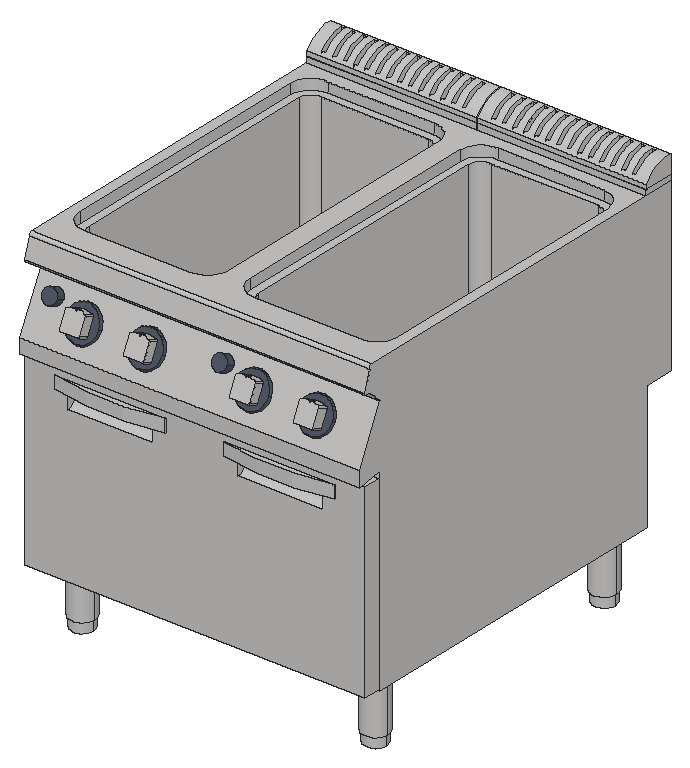
Revit family "QF_ZANUSSI_392112_Z9PCGH2MF0", category Specialty Equipment, Revit 2018 (continued)
Automatic sketch dimensions
  Extrusion 22 sketch curve to Extrusion 22 sketch curve = 0 mm  (x2)
  Extrusion 22 sketch curve to Extrusion 22 sketch curve = 40.037 mm
  Extrusion 22 sketch curve to Extrusion 22 sketch curve = 5.399 mm
  Blend 23 sketch curve to plane 17 = 60 mm  (x2)
  Split face 4 sketch curve to Split face 4 sketch curve = 5.909 mm
  Split face 4 sketch curve to Split face 4 sketch curve = 7.246 mm
  Split face 4 sketch curve to Split face 4 sketch curve = 3.443 mm
  Split face 4 sketch curve to Split face 4 sketch curve = 29.925 mm
  Split face 4 sketch curve to Split face 4 sketch curve = 2.301 mm
  Split face 4 sketch curve to Split face 4 sketch curve = 4.103 mm
  Split face 4 sketch curve to Split face 4 sketch curve = 17.932 mm
  Split face 4 sketch curve to Split face 4 sketch curve = 1.038 mm
  Split face 5 sketch curve to Split face 5 sketch curve = 3.262 mm
  Split face 5 sketch curve to Split face 5 sketch curve = 18.383 mm
  Split face 5 sketch curve to Split face 5 sketch curve = 2.301 mm
  Split face 5 sketch curve to Split face 5 sketch curve = 19.446 mm
  Split face 5 sketch curve to Split face 5 sketch curve = 1.519 mm
  Split face 5 sketch curve to Split face 5 sketch curve = 1.27 mm
  Split face 5 sketch curve to Split face 5 sketch curve = 1.944 mm
  Split face 5 sketch curve to Split face 5 sketch curve = 4.176 mm
  Split face 6 sketch curve to Split face 6 sketch curve = 2.301 mm
  Split face 6 sketch curve to Split face 6 sketch curve = 20.366 mm
  Split face 6 sketch curve to Split face 6 sketch curve = 1.542 mm
  Split face 6 sketch curve to Split face 6 sketch curve = 12.353 mm
  Split face 6 sketch curve to Split face 6 sketch curve = 1.391 mm
  Split face 6 sketch curve to Split face 6 sketch curve = 1.838 mm
  Split face 6 sketch curve to Split face 6 sketch curve = 25.358 mm
  Split face 7 sketch curve to Split face 7 sketch curve = 1.002 mm
  Split face 7 sketch curve to Split face 7 sketch curve = 2.982 mm
  Split face 7 sketch curve to Split face 7 sketch curve = 2.127 mm
  Split face 7 sketch curve to Split face 7 sketch curve = 2.188 mm
  Split face 7 sketch curve to Split face 7 sketch curve = 0.76 mm
  Split face 7 sketch curve to Split face 7 sketch curve = 0.795 mm
  Split face 7 sketch curve to Split face 7 sketch curve = 3.192 mm
  Split face 7 sketch curve to Split face 7 sketch curve = 0.559 mm
  Extrusion 24 sketch curve to plane 20 = 2.491 mm
  Extrusion 25 sketch curve to plane 20 = 2.491 mm
  Extrusion 26 sketch curve to plane 5 "FRONT" = 9.117 mm
  Extrusion 26 sketch curve to plane 10 "TOP A" = 112.135 mm
  Extrusion 26 sketch curve to Extrusion 26 sketch curve = 3 mm
  Extrusion 26 sketch curve to Extrusion 26 sketch curve = 0 mm
  Extrusion 26 sketch curve to Extrusion 26 sketch curve = 1 mm  (x2)
  Extrusion 26 sketch curve to Extrusion 26 sketch curve = 15 mm
  Extrusion 27 sketch curve to plane 16 = 60.5 mm
  Extrusion 27 sketch curve to plane 16 = 25.5 mm
  Extrusion 27 sketch curve to Extrusion 27 sketch curve = 35 mm
  Extrusion 28 sketch curve to plane 16 = 66 mm
  Extrusion 28 sketch curve to Extrusion 28 sketch curve = 2.997 mm  (x3)
  Extrusion 28 sketch curve to Extrusion 28 sketch curve = 20.003 mm  (x2)
  Extrusion 28 sketch curve to plane 16 = 22.997 mm
  Extrusion 28 sketch curve to Extrusion 28 sketch curve = 0 mm  (x2)
  Extrusion 28 sketch curve to Extrusion 28 sketch curve = 40.037 mm
  Extrusion 28 sketch curve to Extrusion 28 sketch curve = 5.399 mm
  Blend 29 sketch curve to plane 16 = 43 mm  (x2)
  Split face 8 sketch curve to Split face 8 sketch curve = 6 mm
  Split face 8 sketch curve to Split face 8 sketch curve = 30.402 mm
  Split face 8 sketch curve to Split face 8 sketch curve = 9.201 mm
  Split face 8 sketch curve to Split face 8 sketch curve = 2.43 mm
  Split face 8 sketch curve to Split face 8 sketch curve = 0.785 mm
  Extrusion 30 sketch curve to plane 5 "FRONT" = 9.117 mm
  Extrusion 30 sketch curve to plane 10 "TOP A" = 112.135 mm
  Extrusion 30 sketch curve to Extrusion 30 sketch curve = 3 mm
  Extrusion 30 sketch curve to Extrusion 30 sketch curve = 0 mm
  Extrusion 30 sketch curve to Extrusion 30 sketch curve = 1 mm  (x2)
  Extrusion 30 sketch curve to Extrusion 30 sketch curve = 15 mm
  plane 19 to Extrusion 31 sketch curve = 90.5 mm
  Extrusion 31 sketch curve to Extrusion 31 sketch curve = 35 mm  (x2)
  plane 19 to Extrusion 32 sketch curve = 85 mm
  Extrusion 32 sketch curve to Extrusion 32 sketch curve = 2.997 mm  (x3)
  Extrusion 32 sketch curve to Extrusion 32 sketch curve = 20.003 mm  (x2)
  Extrusion 32 sketch curve to Extrusion 32 sketch curve = 40.005 mm
  Extrusion 32 sketch curve to Extrusion 32 sketch curve = 0 mm  (x2)
  Extrusion 32 sketch curve to Extrusion 32 sketch curve = 40.037 mm
  Extrusion 32 sketch curve to Extrusion 32 sketch curve = 5.399 mm
  plane 19 to Blend 33 sketch curve = 108 mm  (x2)
  Split face 12 sketch curve to Split face 12 sketch curve = 5.909 mm
  Split face 12 sketch curve to Split face 12 sketch curve = 7.246 mm
  Split face 12 sketch curve to Split face 12 sketch curve = 3.443 mm
  Split face 12 sketch curve to Split face 12 sketch curve = 29.925 mm
  Split face 12 sketch curve to Split face 12 sketch curve = 2.301 mm
  Split face 12 sketch curve to Split face 12 sketch curve = 4.103 mm
  Split face 12 sketch curve to Split face 12 sketch curve = 17.932 mm
  Split face 12 sketch curve to Split face 12 sketch curve = 1.038 mm
  Split face 13 sketch curve to Split face 13 sketch curve = 3.262 mm
  Split face 13 sketch curve to Split face 13 sketch curve = 18.383 mm
  Split face 13 sketch curve to Split face 13 sketch curve = 2.301 mm
  Split face 13 sketch curve to Split face 13 sketch curve = 19.446 mm
  Split face 13 sketch curve to Split face 13 sketch curve = 1.519 mm
  Split face 13 sketch curve to Split face 13 sketch curve = 1.27 mm
  Split face 13 sketch curve to Split face 13 sketch curve = 1.944 mm
  Split face 13 sketch curve to Split face 13 sketch curve = 4.176 mm
  Split face 14 sketch curve to Split face 14 sketch curve = 2.301 mm
  Split face 14 sketch curve to Split face 14 sketch curve = 20.366 mm
  Split face 14 sketch curve to Split face 14 sketch curve = 1.542 mm
  Split face 14 sketch curve to Split face 14 sketch curve = 12.353 mm
  Split face 14 sketch curve to Split face 14 sketch curve = 1.391 mm
  Split face 14 sketch curve to Split face 14 sketch curve = 1.838 mm
  Split face 14 sketch curve to Split face 14 sketch curve = 25.358 mm
  Split face 15 sketch curve to Split face 15 sketch curve = 1.002 mm
  Split face 15 sketch curve to Split face 15 sketch curve = 2.982 mm
  Split face 15 sketch curve to Split face 15 sketch curve = 2.127 mm
  Split face 15 sketch curve to Split face 15 sketch curve = 2.188 mm
  Split face 15 sketch curve to Split face 15 sketch curve = 0.76 mm
  Split face 15 sketch curve to Split face 15 sketch curve = 0.795 mm
  Split face 15 sketch curve to Split face 15 sketch curve = 3.192 mm
  Split face 15 sketch curve to Split face 15 sketch curve = 0.559 mm
  Extrusion 34 sketch curve to plane 5 "FRONT" = 9.117 mm
  Extrusion 34 sketch curve to plane 10 "TOP A" = 112.135 mm
  Extrusion 34 sketch curve to Extrusion 34 sketch curve = 3 mm
  Extrusion 34 sketch curve to Extrusion 34 sketch curve = 0 mm
  Extrusion 34 sketch curve to Extrusion 34 sketch curve = 1 mm  (x2)
  Extrusion 34 sketch curve to Extrusion 34 sketch curve = 15 mm
  plane 18 to Extrusion 35 sketch curve = 44.5 mm
  Extrusion 35 sketch curve to plane 19 = 24.5 mm
  Extrusion 35 sketch curve to Extrusion 35 sketch curve = 35 mm
  plane 18 to Extrusion 36 sketch curve = 39 mm
  Extrusion 36 sketch curve to Extrusion 36 sketch curve = 2.997 mm  (x3)
  Extrusion 36 sketch curve to Extrusion 36 sketch curve = 20.003 mm  (x2)
  Extrusion 36 sketch curve to plane 19 = 21.997 mm
  Extrusion 36 sketch curve to Extrusion 36 sketch curve = 0 mm  (x2)
  Extrusion 36 sketch curve to Extrusion 36 sketch curve = 40.037 mm
  Extrusion 36 sketch curve to Extrusion 36 sketch curve = 5.399 mm
  Blend 37 sketch curve to plane 19 = 42 mm  (x2)
  Split face 16 sketch curve to Split face 16 sketch curve = 6 mm
  Split face 16 sketch curve to Split face 16 sketch curve = 30.402 mm
  Split face 16 sketch curve to Split face 16 sketch curve = 9.201 mm
  Split face 16 sketch curve to Split face 16 sketch curve = 2.43 mm
  Split face 16 sketch curve to Split face 16 sketch curve = 0.785 mm
  plane 7 "Center Y" to Extrusion 38 sketch curve = 52.509 mm
  plane 7 "Center Y" to Extrusion 39 sketch curve = 52.509 mm
  Extrusion 40 sketch curve to plane 5 "FRONT" = 12.909 mm
  Extrusion 40 sketch curve to plane 5 "FRONT" = 15 mm
  Extrusion 40 sketch curve to Extrusion 40 sketch curve = 22 mm
  Extrusion 40 sketch curve to plane 9 "BASE" = 83 mm
  Extrusion 40 sketch curve to Extrusion 40 sketch curve = 26 mm
  Extrusion 41 sketch curve to plane 5 "FRONT" = 15 mm
  Extrusion 41 sketch curve to plane 7 "Center Y" = 69.727 mm
  plane 16 to Extrusion 41 sketch curve = 32 mm
  Extrusion 41 sketch curve to plane 17 = 4.727 mm
  plane 8 "Center X" to Extrusion 41 sketch curve = 151.997 mm
  Extrusion 41 sketch curve to Extrusion 41 sketch curve = 0.915 mm
  Extrusion 42 sketch curve to plane 5 "FRONT" = 12.909 mm
  Extrusion 42 sketch curve to plane 5 "FRONT" = 15 mm
  Extrusion 42 sketch curve to Extrusion 42 sketch curve = 22 mm
  Extrusion 42 sketch curve to plane 9 "BASE" = 83 mm
  Extrusion 42 sketch curve to Extrusion 42 sketch curve = 26 mm
  plane 18 to Extrusion 43 sketch curve = 6.727 mm
  plane 19 to Extrusion 43 sketch curve = 33 mm
  Extrusion 43 sketch curve to plane 5 "FRONT" = 15 mm
  plane 7 "Center Y" to Extrusion 43 sketch curve = 69.727 mm
  plane 8 "Center X" to Extrusion 43 sketch curve = 151.997 mm
  Extrusion 43 sketch curve to Extrusion 43 sketch curve = 0.915 mm
  Extrusion 44 sketch curve to plane 4 "RIGHT" = 0 mm
  Extrusion 44 sketch curve to plane 3 "LEFT" = 0 mm
  Extrusion 44 sketch curve to plane 14 = 0 mm  (x2)
  Extrusion 44 sketch curve to plane 4 "RIGHT" = 12.169 mm
  plane 7 "Center Y" to Extrusion 44 sketch curve = 2.13 mm
  Extrusion 44 sketch curve to plane 7 "Center Y" = 2.13 mm
  plane 3 "LEFT" to Extrusion 44 sketch curve = 12.169 mm
  Extrusion 44 sketch curve to Extrusion 44 sketch curve = 385.509 mm  (x2)
  Extrusion 45 sketch curve to plane 15 = 0 mm  (x2)
  plane 13 to Extrusion 45 sketch curve = 0 mm
  plane 18 to Extrusion 45 sketch curve = 12 mm  (x2)
  plane 7 "Center Y" to Extrusion 45 sketch curve = 75 mm  (x2)
  Extrusion 45 sketch curve to Extrusion 45 sketch curve = 30 mm  (x2)
  Extrusion 45 sketch curve to Extrusion 45 sketch curve = 133.357 mm
  Extrusion 45 sketch curve to Extrusion 45 sketch curve = 0 mm  (x2)
  Extrusion 46 sketch curve to plane 15 = 0 mm
  Extrusion 46 sketch curve to plane 12 = 4.11 mm
  plane 18 to Extrusion 46 sketch curve = 12 mm
  plane 12 to Extrusion 46 sketch curve = 25.89 mm
  plane 7 "Center Y" to Extrusion 46 sketch curve = 45 mm
  Extrusion 46 sketch curve to plane 8 "Center X" = 149.143 mm  (x2)
  Extrusion 46 sketch curve to Extrusion 46 sketch curve = 30 mm
  plane 7 "Center Y" to Extrusion 47 sketch curve = 25 mm
  plane 13 to Extrusion 47 sketch curve = 20 mm
  Extrusion 47 sketch curve to Extrusion 47 sketch curve = 50 mm  (x2)
  Extrusion 47 sketch curve to plane 12 = 24.11 mm
  plane 18 to Extrusion 47 sketch curve = 12 mm  (x2)
  Extrusion 47 sketch curve to plane 15 = 20 mm
  curve 125 to curve 132 = 0 mm  (x2)
  curve 126 to curve 134 = 0 mm  (x2)
  curve 128 to curve 136 = 0 mm  (x2)
  curve 130 to curve 138 = 0 mm  (x2)
  curve 143 to curve 150 = 0 mm  (x2)
  curve 144 to curve 152 = 0 mm  (x2)
  curve 146 to curve 154 = 0 mm  (x2)
  curve 148 to curve 156 = 0 mm  (x2)
  curve 10 to plane 4 "RIGHT" = 0 mm
  curve 152 to plane 15 = 0 mm
  plane 13 to curve 154 = 0 mm
  curve 8 to plane 7 "Center Y" = 0 mm
  plane 1 "BACK" to curve 5 = 0 mm
  curve 5 to plane 7 "Center Y" = 0 mm
  plane 13 to curve 137 = 0 mm
  curve 3 to plane 3 "LEFT" = 0 mm
  plane 5 "FRONT" to curve 3 = 0 mm
  curve 145 to plane 15 = 20 mm
  curve 71 to plane 15 = 15.297 mm
  curve 69 to plane 15 = 6.001 mm
  plane 21 to curve 75 = 0.191 mm
  plane 18 to curve 74 = 1.487 mm
  plane 18 to curve 159 = 12 mm
  curve 151 to plane 12 = 4.11 mm
  plane 18 to curve 151 = 12 mm
  plane 18 to curve 154 = 12 mm
  curve 72 to curve 76 = 16.193 mm
  curve 76 to curve 77 = 9.296 mm
  curve 76 to curve 80 = 16.193 mm
  curve 80 to curve 81 = 9.296 mm
  curve 80 to curve 87 = 16.193 mm
  curve 84 to curve 84 = 9.296 mm
  curve 91 to plane 19 = 9.855 mm
  curve 89 to plane 19 = 0.56 mm
  plane 1 "BACK" to curve 95 = 6.761 mm
  plane 19 to curve 95 = 15.633 mm
  curve 94 to curve 93 = 9.296 mm
  plane 1 "BACK" to curve 99 = 6.761 mm
  curve 93 to curve 99 = 16.193 mm
  curve 96 to curve 96 = 9.296 mm
  plane 1 "BACK" to curve 102 = 6.761 mm
  curve 97 to curve 102 = 16.193 mm
  curve 102 to curve 101 = 9.296 mm
  curve 100 to curve 107 = 16.193 mm
  curve 106 to curve 106 = 9.296 mm
  plane 1 "BACK" to curve 111 = 6.761 mm
  curve 105 to curve 111 = 16.193 mm
  curve 110 to curve 110 = 9.296 mm
  plane 1 "BACK" to curve 115 = 6.761 mm
  curve 109 to curve 115 = 16.193 mm
  curve 114 to curve 114 = 9.296 mm
  plane 12 to curve 143 = 25.89 mm
  plane 7 "Center Y" to curve 143 = 75 mm
  curve 148 to plane 13 = 30 mm
  curve 157 to curve 158 = 30 mm
  plane 1 "BACK" to curve 119 = 6.761 mm
  curve 113 to curve 119 = 16.193 mm
  curve 116 to curve 117 = 9.296 mm
  curve 116 to curve 120 = 16.193 mm
  curve 122 to curve 122 = 9.296 mm
  curve 127 to plane 7 "Center Y" = 25 mm
  plane 1 "BACK" to curve 66 = 6.761 mm
  curve 66 to plane 7 "Center Y" = 29.653 mm
  curve 65 to curve 67 = 9.296 mm
  curve 127 to curve 135 = 20 mm
  plane 1 "BACK" to curve 61 = 6.761 mm
  curve 66 to curve 61 = 16.193 mm
  curve 60 to curve 60 = 9.296 mm
  curve 135 to curve 137 = 30 mm
  curve 133 to plane 12 = 4.11 mm
  curve 134 to curve 133 = 30 mm
  curve 141 to curve 139 = 30 mm
  plane 1 "BACK" to curve 57 = 6.761 mm
  curve 62 to curve 57 = 16.193 mm
  curve 57 to curve 58 = 9.296 mm
  curve 56 to curve 52 = 16.193 mm
  curve 52 to curve 55 = 9.296 mm
  curve 52 to curve 49 = 16.193 mm
  curve 49 to curve 50 = 9.296 mm
  curve 45 to plane 16 = 10.905 mm
  curve 47 to plane 16 = 1.61 mm
  plane 16 to curve 40 = 14.583 mm
  curve 40 to curve 43 = 9.296 mm
  curve 40 to curve 36 = 16.193 mm
  curve 36 to curve 39 = 9.296 mm
  plane 1 "BACK" to curve 33 = 6.761 mm
  curve 38 to curve 33 = 16.193 mm
  curve 32 to curve 35 = 9.296 mm
  plane 1 "BACK" to curve 29 = 6.761 mm
  curve 34 to curve 29 = 16.193 mm
  curve 28 to curve 31 = 9.296 mm
  curve 28 to curve 24 = 16.193 mm
  curve 25 to curve 26 = 9.296 mm
  plane 1 "BACK" to curve 22 = 6.761 mm
  curve 26 to curve 22 = 16.193 mm
  curve 21 to curve 23 = 9.296 mm
  curve 138 to plane 17 = 10 mm
  curve 139 to plane 17 = 10 mm
  curve 133 to plane 17 = 10 mm
  plane 17 to curve 18 = 0.513 mm
  plane 20 to curve 16 = 0.191 mm
  curve 131 to plane 20 = 10 mm
  curve 12 to plane 20 = 16.001 mm
  curve 12 to curve 12 = 9.296 mm
  plane 1 "BACK" to curve 122 = 6.761 mm
  plane 1 "BACK" to curve 107 = 6.761 mm
  plane 1 "BACK" to curve 13 = 6.761 mm
  plane 1 "BACK" to curve 17 = 6.761 mm
  plane 1 "BACK" to curve 91 = 6.761 mm
  plane 1 "BACK" to curve 25 = 6.761 mm
  plane 1 "BACK" to curve 87 = 6.761 mm
  plane 1 "BACK" to curve 83 = 6.761 mm
  plane 1 "BACK" to curve 79 = 6.761 mm
  plane 1 "BACK" to curve 37 = 6.761 mm
  plane 1 "BACK" to curve 75 = 6.761 mm
  plane 1 "BACK" to curve 41 = 6.761 mm
  plane 1 "BACK" to curve 71 = 6.761 mm
  plane 1 "BACK" to curve 45 = 6.761 mm
  plane 1 "BACK" to curve 49 = 6.761 mm
  plane 1 "BACK" to curve 53 = 6.761 mm
  curve 59 to curve 126 = 37.979 mm
  curve 56 to curve 60 = 0 mm
  curve 55 to curve 56 = 0 mm
  curve 60 to curve 64 = 0 mm
  curve 51 to curve 52 = 0 mm
  curve 68 to curve 144 = 37.979 mm
  curve 47 to curve 48 = 0 mm
  curve 72 to curve 68 = 0 mm
  curve 43 to curve 44 = 0 mm
  curve 76 to curve 72 = 0 mm
  curve 39 to curve 40 = 0 mm
  curve 80 to curve 76 = 0 mm
  curve 35 to curve 36 = 0 mm
  curve 84 to curve 80 = 0 mm
  curve 31 to curve 32 = 0 mm
  curve 88 to curve 84 = 0 mm
  curve 27 to curve 28 = 0 mm
  curve 92 to curve 88 = 0 mm
  curve 23 to curve 24 = 0 mm
  curve 96 to curve 92 = 0 mm
  curve 19 to curve 20 = 0 mm
  curve 100 to curve 96 = 0 mm
  curve 15 to curve 16 = 0 mm
  curve 104 to curve 100 = 0 mm
  curve 115 to curve 143 = 37.979 mm
  curve 116 to curve 112 = 0 mm
  curve 112 to curve 108 = 0 mm
  curve 120 to curve 116 = 0 mm
  curve 120 to curve 4 = 7.979 mm
  curve 140 to plane 8 "Center X" = 149.143 mm
  curve 159 to plane 8 "Center X" = 149.143 mm
  plane 5 "FRONT" to curve 7 = 0.439 mm
  plane 5 "FRONT" to curve 6 = 1.377 mm
  plane 5 "FRONT" to curve 1 = 1.377 mm
  curve 11 to plane 7 "Center Y" = 69.774 mm
  curve 11 to curve 10 = 0.314 mm
  plane 7 "Center Y" to curve 10 = 69.989 mm
  plane 14 to curve 11 = 167.324 mm
  curve 195 to plane 3 "LEFT" = 0 mm
  curve 160 to plane 3 "LEFT" = 0 mm
  curve 230 to plane 5 "FRONT" = 0.032 mm
  curve 160 to plane 4 "RIGHT" = 0 mm
  curve 229 to plane 4 "RIGHT" = 0 mm
  plane 3 "LEFT" to curve 230 = 12.169 mm
  curve 161 to plane 17 = 37 mm
  curve 162 to curve 162 = 0.809 mm
  curve 165 to curve 165 = 1.583 mm
  curve 162 to curve 163 = 1.846 mm
  curve 162 to curve 176 = 2.189 mm
  curve 161 to curve 164 = 11.892 mm
  curve 165 to curve 167 = 20.417 mm
  plane 16 to curve 166 = 107.869 mm
  curve 166 to curve 175 = 1.738 mm
  curve 167 to curve 168 = 2 mm
  curve 164 to curve 173 = 22.215 mm
  curve 168 to curve 176 = 19.003 mm
  curve 172 to curve 172 = 0.343 mm
  curve 172 to curve 174 = 1.071 mm
  curve 172 to curve 171 = 2.189 mm
  curve 171 to curve 170 = 0.809 mm
  curve 186 to plane 16 = 20 mm
  curve 187 to curve 187 = 0.809 mm
  curve 190 to curve 190 = 1.583 mm
  curve 187 to curve 188 = 1.846 mm
  curve 187 to curve 192 = 2.189 mm
  curve 189 to plane 16 = 31.892 mm
  curve 185 to plane 16 = 42 mm
  curve 191 to plane 16 = 42.131 mm
  curve 191 to curve 182 = 1.738 mm
  curve 184 to curve 183 = 2 mm
  curve 189 to curve 180 = 22.215 mm
  curve 183 to curve 192 = 19.003 mm
  curve 179 to curve 179 = 0.343 mm
  curve 179 to curve 181 = 1.071 mm
  curve 179 to curve 178 = 2.189 mm
  curve 178 to curve 177 = 0.809 mm
  plane 19 to curve 196 = 131 mm
  curve 197 to curve 197 = 0.809 mm
  curve 200 to curve 200 = 1.583 mm
  curve 197 to curve 198 = 1.846 mm
  curve 197 to curve 211 = 2.189 mm
  curve 196 to curve 199 = 11.892 mm
  curve 200 to curve 202 = 20.417 mm
  plane 19 to curve 201 = 108.869 mm
  curve 201 to curve 210 = 1.738 mm
  curve 202 to curve 204 = 2 mm
  curve 199 to curve 208 = 22.215 mm
  curve 203 to curve 211 = 19.003 mm
  curve 211 to curve 207 = 0.343 mm
  curve 207 to curve 209 = 1.071 mm
  curve 207 to curve 206 = 2.189 mm
  curve 206 to curve 205 = 0.809 mm
  curve 221 to plane 19 = 19 mm
  curve 221 to curve 222 = 0.809 mm
  curve 225 to curve 225 = 1.583 mm
  curve 222 to curve 223 = 1.846 mm
  curve 222 to curve 227 = 2.189 mm
  curve 224 to plane 19 = 30.892 mm
  curve 219 to plane 19 = 41 mm
  curve 226 to plane 19 = 41.131 mm
  curve 226 to curve 217 = 1.738 mm
  curve 219 to curve 218 = 2 mm
  curve 224 to curve 215 = 22.215 mm
  curve 218 to curve 227 = 19.003 mm
  curve 214 to curve 214 = 0.343 mm
  curve 214 to curve 216 = 1.071 mm
  curve 214 to curve 213 = 2.189 mm
  curve 213 to curve 212 = 0.809 mm
  curve 231 to plane 4 "RIGHT" = 12.169 mm
  curve 208 to curve 215 = 0 mm
  curve 164 to curve 173 = 0 mm
  curve 173 to curve 180 = 0 mm
  curve 189 to curve 180 = 0 mm
  curve 224 to curve 215 = 0 mm
  curve 199 to curve 208 = 0 mm
  curve 184 to curve 189 = 41.91 mm
  curve 204 to curve 208 = 41.91 mm
  curve 225 to curve 219 = 1.435 mm
  curve 209 to curve 203 = 1.435 mm
  curve 181 to curve 183 = 1.435 mm
  curve 165 to curve 167 = 1.435 mm
  curve 190 to curve 184 = 1.435 mm
  curve 174 to curve 168 = 1.435 mm
  curve 200 to curve 202 = 1.435 mm
  curve 216 to curve 218 = 1.435 mm
  curve 223 to curve 225 = 14.462 mm
  curve 207 to curve 209 = 14.462 mm
  curve 172 to curve 174 = 14.462 mm
  curve 163 to curve 165 = 14.462 mm
  curve 188 to curve 190 = 14.462 mm
  curve 214 to curve 216 = 14.462 mm
  curve 198 to curve 200 = 14.462 mm
  curve 186 to curve 188 = 2.779 mm
  curve 196 to curve 198 = 2.779 mm
  curve 171 to curve 172 = 2.779 mm
  curve 161 to curve 163 = 2.779 mm
  curve 205 to curve 207 = 2.779 mm
  curve 213 to curve 214 = 2.779 mm
  curve 222 to curve 223 = 2.779 mm
  curve 178 to curve 179 = 2.779 mm
  curve 211 to curve 206 = 1.333 mm
  curve 176 to curve 162 = 1.333 mm
  curve 192 to curve 187 = 1.333 mm
  curve 227 to curve 222 = 1.333 mm
  curve 226 to curve 227 = 86.839 mm
  curve 201 to curve 198 = 86.839 mm
  curve 201 to curve 210 = 0 mm  (x2)
  curve 166 to curve 176 = 86.839 mm
  curve 226 to curve 217 = 0 mm  (x2)
  curve 191 to curve 192 = 86.839 mm
  curve 166 to curve 175 = 0 mm  (x2)
  curve 191 to curve 182 = 0 mm  (x2)
  plane 22 to curve 231 = 12.509 mm
  plane 22 to curve 230 = 12.509 mm
  curve 164 to curve 161 = 9.809 mm
  curve 165 to curve 165 = 0.284 mm
  curve 174 to curve 174 = 0.284 mm
  curve 170 to curve 173 = 9.809 mm
  curve 189 to curve 186 = 9.809 mm
  curve 191 to curve 190 = 0.284 mm
  curve 181 to curve 182 = 0.284 mm
  curve 177 to curve 180 = 9.809 mm
  curve 230 to plane 7 "Center Y" = 69.774 mm
  curve 230 to plane 7 "Center Y" = 3.11 mm
  plane 7 "Center Y" to curve 231 = 3.11 mm
  plane 7 "Center Y" to curve 231 = 69.989 mm
  curve 199 to curve 196 = 9.809 mm
  curve 200 to curve 200 = 0.284 mm
  curve 209 to curve 209 = 0.284 mm
  curve 205 to curve 208 = 9.809 mm
  curve 224 to curve 221 = 9.809 mm
  curve 225 to curve 225 = 0.284 mm
  curve 216 to curve 217 = 0.284 mm
  curve 212 to curve 215 = 9.809 mm
  curve 184 to curve 185 = 5.671 mm
  curve 203 to curve 210 = 2.23 mm
  curve 218 to curve 217 = 2.23 mm
  curve 168 to curve 175 = 2.23 mm
  curve 183 to curve 182 = 2.23 mm
  curve 163 to curve 195 = 6.567 mm
  curve 207 to curve 228 = 6.567 mm
  curve 172 to curve 193 = 6.567 mm
  curve 214 to curve 229 = 6.567 mm
  curve 179 to curve 194 = 6.567 mm
  plane 5 "FRONT" to curve 217 = 97.487 mm
  plane 5 "FRONT" to curve 210 = 97.487 mm
  curve 191 to curve 178 = 88.173 mm
  plane 5 "FRONT" to curve 175 = 97.487 mm
  radius of Extrusion 11 sketch curve = 12.7 mm
  radius of Extrusion 12 sketch curve = 6.35 mm
  radius of Extrusion 13 sketch curve = 9.525 mm
  radius of Extrusion 14 sketch curve = 12.7 mm
  radius of Blend 23 sketch curve = 42.5 mm
  radius of Blend 23 sketch curve = 40.5 mm
  radius of Split face 1 sketch curve = 1.714 mm
  radius of Split face 2 sketch curve = 2 mm
  radius of Split face 3 sketch curve = 2 mm
  radius of Extrusion 24 sketch curve = 18 mm
  radius of Extrusion 25 sketch curve = 15 mm
  radius of Blend 29 sketch curve = 42.5 mm
  radius of Blend 29 sketch curve = 40.5 mm
  radius of Blend 33 sketch curve = 42.5 mm
  radius of Blend 33 sketch curve = 40.5 mm
  radius of Split face 9 sketch curve = 1.714 mm
  radius of Split face 10 sketch curve = 2 mm
  radius of Split face 11 sketch curve = 2 mm
  radius of Blend 37 sketch curve = 42.5 mm
  radius of Blend 37 sketch curve = 40.5 mm
  radius of Extrusion 38 sketch curve = 18 mm
  radius of Extrusion 39 sketch curve = 15 mm
Connectors
  piping at (737, -700, 200), diameter 19
    settings: on Extrusion 13, index 1, connector inside diameter 0.74803", connector length 0 mm, flow factor 0, pipe flow 0 GPM, pressure drop 0.00 psi, fitting loss kfactor 0, connector angle 0.00°, fixture units 0, engagement length 0 mm, angle of deflection 0.00°, flow configuration 1, flow direction 1, fitting loss method 0, system type 20, joint type 0, gender type 0, connector reference index -1, connector utility 0, adjustable connector no, is connector primary yes, connector description "WATER INLET"
  piping at (633, -780, 176), diameter 25.4
    settings: on Extrusion 14, index 2, connector inside diameter 1", connector length 0 mm, flow factor 0, pipe flow 0 GPM, pressure drop 0.00 psi, fitting loss kfactor 0, connector angle 0.00°, fixture units 0, engagement length 0 mm, angle of deflection 0.00°, flow configuration 1, flow direction 2, fitting loss method 0, system type 16, joint type 0, gender type 0, connector reference index -1, connector utility 0, adjustable connector no, is connector primary no, connector description "DRAIN"
  piping at (232, -780, 176), diameter 25.4
    settings: on Extrusion 11, index 3, connector inside diameter 1", connector length 0 mm, flow factor 0, pipe flow 0 GPM, pressure drop 0.00 psi, fitting loss kfactor 0, connector angle 0.00°, fixture units 0, engagement length 0 mm, angle of deflection 0.00°, flow configuration 1, flow direction 2, fitting loss method 0, system type 16, joint type 0, gender type 0, connector reference index -1, connector utility 0, adjustable connector no, is connector primary no, connector description "DRAIN"
  piping at (65, -703, 190), diameter 12.8
    settings: on Extrusion 12, index 4, connector inside diameter 0.50394", connector length 0 mm, flow factor 0, pipe flow 0 GPM, pressure drop 0.00 psi, fitting loss kfactor 0, connector angle 0.00°, fixture units 0, engagement length 0 mm, angle of deflection 0.00°, flow configuration 1, flow direction 1, fitting loss method 0, system type 7, joint type 0, gender type 0, connector reference index -1, connector utility 0, adjustable connector no, is connector primary no, connector description "GAS CONNECTION"
